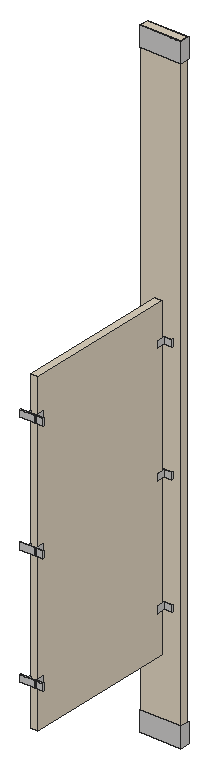
Revit family
Parameters (values of type "As Specified in 10 21 13")
  Warranty Duration (Years) = 0
  URL = "http://www.specritedesigns.com/"
  UL Fire Rating = "[Class A][Class B]"
  Type Comments = "Urinal Screen"
  Stile Width = 0' - 6"
  Stile Thickness = 0' - 1 1/4"
  Stall Width = 3' - 0"
  Stall Depth [instance] = 2' - 0"
  Panel Thickness = 0' - 1"
  Panel Height [instance] = 4' - 0"
  Manufacturer Phone - Toll Free = "877-249-6864"
  Installation-Fabrication = "http://www.specritedesigns.com/partition_systems.aspx"
  Green Building-LEED = "http://www.arcat.com/green/clients/leed_data_43944.html"
  End Panel_Right Side [instance] = yes
  Specification = "http://www.arcat.com/sdspecs/htm/10150you.htm"
  Send Message = "http://www.arcat.com/users.pl?action=UserEmail&company=Spec-Rite%20Designs%20LLC&coid=43944&rep=146&fax=314-771-4597&mf="
  Sales Information = "http://www.specritedesigns.com/local_rep.aspx"
  Revision = "R1_04/2010"
  Reveal Clearance = 0' - 0 1/2"
  Product Properties = "http://www.arcat.com/bim/bim_info.pl?fn=Toilet-Partition_Spec-Rite_"
  Product Data = "http://www.arcat.com/arcatcos/cos43/arc43944.html"
  Panel Material [instance] = Phenolic Core - Color as Specified
  Model = "As Specified in 10 21 13"
  Manufacturer's Notes = ""
  Manufacturer Website = "http://www.specritedesigns.com/"
  Manufacturer Phone = ""
  Manufacturer Fax = "314-771-4597"
  Manufacturer Address = "1054 Central Industrial Dr.; St. Louis; MO 63110"
  Manufacturer = "Spec-Rite Designs LLC"
  Maintenance Schedule (Months) = 0
  Keynote = "10 21 13"
  Installation Phase = ""
  End Panel_Left Side [instance] = no
  Hardware Finish [instance] = Stainless Steel - Type 304 #4 Brushed Finish
  Expected Lifespan (Years) = 0
  Drawn By = "Robert S. Weygant, CSI, CDT, SCIP"
  Distance from Floor to Panel [instance] = 1' - 0"
  Core Material [instance] = ""
  Copyright = "2010, ARCAT, Inc."
  Description = "As Specified in 10 21 13"
  Construction Details = "http://www.specritedesigns.com/LinkClick.aspx?fileticket=c2fn%2bPpDPB4%3d&tabid=106"
  Ceiling Height [instance] = 8' - 0"
  Brackets_Vertical = 3
  Assembly Code = "C1010400"
Reference planes (in)
  plane 1: y = 26.56271
  plane 2: x = 8.69467
  plane 3 "Back": y = 29.06271
  plane 4 "Right": x = 7.69467
  plane 5 "Bottom of panel": z = 12
  plane 6 "Top of panel": z = 60
  plane 7 "Bottom Bracket": z = 18
  plane 8 "Top Bracket": z = 54
  plane 9 "Top Hinge": z = 56.75
  plane 10: y = 53.06271
  plane 11: y = 29.56271
  plane 12: z = 0
  plane 13: y = 53.56271
  plane 14: x = 8.19467
  plane 15: z = 96
Forms (in)
  Extrusion 1, solid, material "Phenolic Core - Color as Specified" <- "Panel Material", visible <- "End Panel_Right Side"
    sketch origin (0, 0, 0) x (1, 0, 0) y (0, 1, 0)
      loop
        line (7.69467, 29.56271) -> (8.69467, 29.56271) -> (8.69467, 53.06271) -> (7.69467, 53.06271) -> (7.69467, 29.56271)
    from 12 to 60
  Extrusion 2, solid, material "Phenolic Core - Color as Specified" <- "Panel Material", detail levels fine
    sketch origin (1.21269, 0, 0) x (1, 0, 0) y (0, 1, 0)
      loop
        line (3.98199, 53.56271) -> (9.98199, 53.56271) -> (9.98199, 54.81271) -> (3.98199, 54.81271) -> (3.98199, 53.56271)
    from 0 to 96
  Extrusion 3, solid, material "Stainless Steel - Type 304 #4 Brushed Finish" <- "Hardware Finish", detail levels fine
    sketch origin (0, 0, 0) x (1, 0, 0) y (0, 1, 0)
      loop
        line (5.06967, 54.93771) -> (5.06967, 53.43771) -> (11.31967, 53.43771) -> (11.31967, 54.93771) -> (5.06967, 54.93771)
    from 0 to 2.9996
  Extrusion 4, solid, material "Stainless Steel - Type 304 #4 Brushed Finish" <- "Hardware Finish", detail levels fine
    sketch origin (0, 0, 0) x (1, 0, 0) y (0, 1, 0)
      loop
        line (5.06967, 54.93771) -> (5.06967, 53.43771) -> (11.31967, 53.43771) -> (11.31967, 54.93771) -> (5.06967, 54.93771)
    from 93 to 96
Lines and regions (in)
  symbolic lines
    curve 1: line (8.69467, 29.06271, 0) -> (7.69467, 29.06271, 0)
Text (in)
  text "Placement Side" at (0, 40.15149, 123.01588), in view "Right"
  text "Placement Side" at (-71.13158, 43.3951, 0), in view "Floor Line"
  text "Placement Side" at (0, 65.23256, 117.93067), in view "Left"
Dimensions and locks (in)
  "Panel Height": plane 5 "Bottom of panel" to plane 6 "Top of panel"
  "Distance from Floor to Panel": host wall to plane 5 "Bottom of panel"
  "Panel Thickness": plane 4 "Right" to plane 2
  locked: plane 8 "Top Bracket" to plane 9 "Top Hinge" at 2.75
  locked: plane 8 "Top Bracket" to plane 6 "Top of panel" at 6
  locked: plane 5 "Bottom of panel" to plane 7 "Bottom Bracket" at 6
  "Reveal Clearance": plane 11 to plane 3 "Back"
  equal spacing: group 1, group 5, group 2  (x3)
  "Stall Depth": plane 10 to plane 3 "Back"
  "Reveal Clearance": plane 13 to plane 10
  equal spacing: group 3, group 6, group 4  (x3)
  "Stile Width": Extrusion 2 sketch curve to Extrusion 2 sketch curve
  "Stile Thickness": Extrusion 2 sketch curve to Extrusion 2 sketch curve
  equal spacing: plane 4 "Right", plane 14, plane 2
  equal spacing: Extrusion 2 sketch curve, plane 14, Extrusion 2 sketch curve
  locked: Extrusion 3 sketch curve to Extrusion 2 at 0.125  (x3)
  locked: Extrusion 2 to Extrusion 3 sketch curve at 0.125
  locked: Extrusion 3 to Extrusion 3 at 2.9996
  "Ceiling Height": plane 12 to plane 15
  locked: Extrusion 4 sketch curve to Extrusion 2 at 0.125  (x3)
  locked: Extrusion 2 to Extrusion 4 sketch curve at 0.125
  locked: Extrusion 4 to plane 15 at 3
  aligned and locked: Extrusion 1 to plane 6 "Top of panel"
  aligned and locked: plane 5 "Bottom of panel" to Extrusion 1
  aligned and locked: plane 10 to Extrusion 1 sketch curve
  aligned and locked: Extrusion 1 sketch curve to plane 11
  aligned and locked: nested 1 to plane 2  (x3)
  aligned and locked: plane 3 "Back" to nested 1
  aligned and locked: plane 7 "Bottom Bracket" to nested 1
  aligned and locked: nested 1 to plane 3 "Back"  (x4)
  aligned and locked: plane 4 "Right" to nested 1  (x2)
  aligned and locked: plane 8 "Top Bracket" to nested 2
  aligned and locked: nested 2 to plane 2
  aligned and locked: plane 12 to level
  aligned and locked: host wall to plane 3 "Back"
  aligned and locked: nested 3 to plane 13
  aligned and locked: plane 4 "Right" to nested 3  (x3)
  aligned and locked: plane 7 "Bottom Bracket" to nested 3
  aligned and locked: plane 8 "Top Bracket" to nested 4
  aligned and locked: nested 4 to plane 13
  aligned and locked: plane 4 "Right" to nested 4
  aligned and locked: Extrusion 2 sketch curve to plane 13
  aligned and locked: plane 12 to Extrusion 2
  aligned and locked: plane 12 to Extrusion 3
  aligned and locked: plane 15 to Extrusion 2
  aligned and locked: plane 15 to Extrusion 4
  aligned and locked: plane 3 "Back" to nested 2
Automatic sketch dimensions
  curve 1 to host wall = 0' - 0"
  curve 1 to plane 4 "Right" = 0' - 0"
  curve 1 to plane 2 = 0' - 0"
  Extrusion 1 sketch curve to plane 4 "Right" = 0' - 0"
  Extrusion 1 sketch curve to plane 2 = 0' - 0"
Nested families (in)
  nested 1: "Mounting Bracket" at (8.69467, 29.06271, 18) x (-1, 0, 0) z (0, 0, 1), visible <- "End Panel_Right Side", type "Common Mount"
  nested 2: "Mounting Bracket" at (8.69467, 29.06271, 54) x (-1, 0, 0) z (0, 0, 1), visible <- "End Panel_Right Side", type "Common Mount"
  nested 3: "Mounting Bracket" at (7.69467, 53.56271, 18), type "Common Mount"
  nested 4: "Mounting Bracket" at (7.69467, 53.56271, 54), type "Common Mount"
  nested 5: "Mounting Bracket" at (8.69467, 29.06271, 36) x (-1, 0, 0) z (0, 0, 1), visible <- "End Panel_Right Side", type "Common Mount"
  nested 6: "Mounting Bracket" at (7.69467, 53.56271, 36), type "Common Mount"
Definition of nested family "Mounting Bracket"
  Parameters (values of type "Common Mount")
    panel thickness = 0' - 0 1/2"
    hdwr matl = none
    Surfmnt = yes
    Hdwr Height = 0' - 1"
    Assembly Code = ""
  Types (2): name | panel thickness | Surfmnt
    Common Mount | 0' - 0 1/2" | yes
    End Mount | 0' - 1" | no
  Reference planes (in)
    plane 1 "Center (Front/Back)": y = 0
    plane 2 "bottom": z = 0
    plane 3 "Center (Left/Right)": x = 0
    plane 4: y = -1.37133
    plane 5 "top": z = 1
    plane 6: y = -0.12324
  Forms (in)
    Extrusion 1, solid, material <- "hdwr matl"
      sketch origin (0, 0, 0) x (1, 0, 0) y (0, 1, 0)
        loop
          line (0, -1.37133) -> (0, -0.125) -> (0.5, -0.125) -> (0.5, -1.37133) -> (0.625, -1.37133) -> (0.625, -0.12324) -> (2.25, -0.12324) -> (2.25, 0) -> (-0.125, 0) -> (-0.125, -1.37133) -> (0, -1.37133)
      from 0 to 1
    Extrusion 2, solid, material <- "hdwr matl", visible <- "Surfmnt"
      sketch origin (0, 0, 0) x (1, 0, 0) y (0, 1, 0)
        loop
          line (0, 0) -> (-1.25, 0) -> (-1.25, -0.125) -> (0, -0.125) -> (0, 0)
      from 0 to 1
  Dimensions and locks (in)
    "panel thickness": Extrusion 1 sketch curve to Extrusion 1 sketch curve
    locked: Extrusion 1 sketch curve to Extrusion 1 sketch curve at 0.125  (x2)
    locked: plane 4 to plane 1 "Center (Front/Back)" at 1.37133
    locked: Extrusion 1 sketch curve to Extrusion 1 sketch curve at 2.375
    locked: Extrusion 2 sketch curve to Extrusion 2 sketch curve at 0.125
    locked: Extrusion 2 sketch curve to Extrusion 2 sketch curve at 1.25
    "Hdwr Height": plane 5 "top" to plane 2 "bottom"
    locked: plane 6 to plane 1 "Center (Front/Back)" at 0.12324
    "panel thickness": Extrusion 1 to Extrusion 1
    aligned and locked: plane 3 "Center (Left/Right)" to Extrusion 1 sketch curve
    aligned and locked: Extrusion 1 sketch curve to plane 1 "Center (Front/Back)"
    aligned and locked: Extrusion 1 sketch curve to plane 4  (x2)
    aligned and locked: Extrusion 2 sketch curve to plane 1 "Center (Front/Back)"
    aligned and locked: plane 3 "Center (Left/Right)" to Extrusion 2 sketch curve
    aligned and locked: plane 5 "top" to Extrusion 1
    aligned and locked: plane 5 "top" to Extrusion 2
    aligned and locked: Extrusion 1 to plane 2 "bottom"
    aligned and locked: Extrusion 2 to plane 2 "bottom"
  Automatic sketch dimensions
    plane 1 "Center (Front/Back)" to Extrusion 1 sketch curve = 0' - 0.12324"
    plane 1 "Center (Front/Back)" to Extrusion 1 sketch curve = 0' - 0 1/8"
